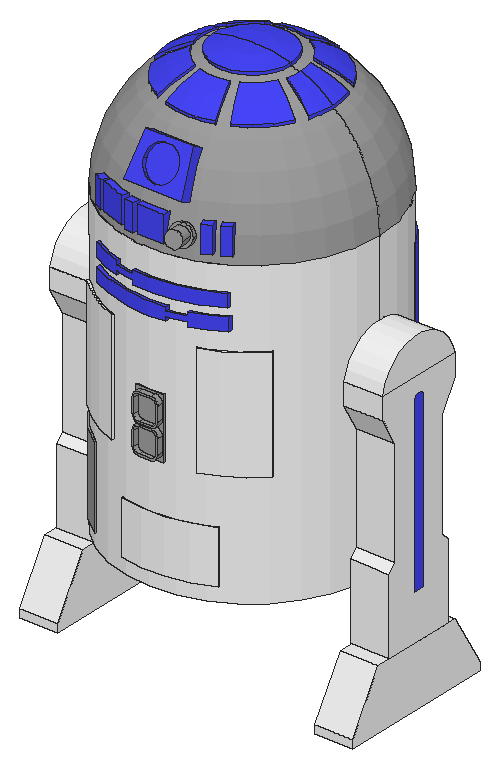
Revit family "Star_Wars_R2D2_4123_other", category Modèles génériques, Revit 2020
Family settings
  Peut héberger une armature = Non
  Cote de connecteur circulaire = Utiliser le diamètre
  Type d'élément = Non défini
  Basée sur le plan de construction = Non
  Toujours verticalement = Oui
  Couper avec des vides une fois chargée = Non
  Partagée = Non
  Point de calcul de pièce = Non
Parameters
  Elévation par défaut = 0' - 0"
Reference planes (in)
  plane 1 "Center (Front/Back)": y = 0
  plane 2: z = 0
  plane 3 "Center (Left/Right)": x = 0
  plane 4: z = 56.91196
  plane 5: through (0, 0, 48) normal (-0.7071, 0.7071, 0)
Forms (in)
  Extrusion 1, solid, material "Default 2"
    sketch origin (0, 0, 0) x (1, 0, 0) y (0, 1, 0)
      loop
        circle (0, 0) r 24
    from 0 to 56.91196
  Revolve 2, solid, material "Default 4"
    sketch origin (0, 0, -13.13966) x (1, 0, 0) y (0, 0, 1)
      loop
        line (0, 94.05162) -> (0, 70.05162) -> (24, 70.05162)
        arc (24, 70.05162) -> (16.97056, 87.02218) -> (0, 94.05162) r 24
      axis (0, 70.05162) -> (0, 94.05162)
    angle from 0 to 360
  Extrusion 3, solid, material "Default 2"
    sketch origin (0, 0, 0) x (0, 1, 0) y (0, 0, 1)
      loop
        line (8.4404, -8.6957) -> (-9.5596, -8.6957) -> (-15.48254, -18.55312) -> (-15.48254, -20.05312) -> (14.36334, -20.05312) -> (14.36334, -18.55312) -> (8.4404, -8.6957)
    from -31.2361 to -24.2361
  Extrusion 4, solid, material "Default 2"
    sketch origin (0, 0, 0) x (0, 1, 0) y (0, 0, -1)
      loop
        line (8.4404, 8.6957) -> (14.36334, 18.55312) -> (14.36334, 20.05312) -> (-15.48254, 20.05312) -> (-15.48254, 18.55312) -> (-9.5596, 8.6957) -> (8.4404, 8.6957)
    from -31.2361 to -24.2361
  Sweep 5, solid, material "Default 3"
    path origin (0, 0, 0) x (-0.996195, 0.087156, 0) y (0, 0, 1)
      loop
        line (-14.05923, 48.95541) -> (-14.05923, 4.95541)
    profile origin (14.00573, -1.22534, 26.95541) x (0.087156, 0.996195, 0) y (-0.996195, 0.087156, 0)
      loop
        line (14.17992, -5.30388) -> (14.35877, -5.48273)
        arc (14.35877, -5.48273) -> (17.14734, -3.08811) -> (19.54196, -0.29954) r 24.25
        line (19.54196, -0.29954) -> (19.36311, -0.12068)
        arc (19.36311, -0.12068) -> (16.97056, -2.91133) -> (14.17992, -5.30388) r 24
  Extrusion 6, solid, material "Default 3"
    sketch origin (0, -34.73609, -2.04363) x (1, 0, 0) y (0, 0.48481, 0.87462)
      loop
        line (5.5, 65.41196) -> (4.48703, 73.66196) -> (-4.48703, 73.66196) -> (-5.5, 65.41196) -> (5.5, 65.41196)
    from 20.44691 to 23.17679
  Extrusion 7, void
    sketch origin (0, -34.73609, -2.04363) x (1, 0, 0) y (0, 0.48481, 0.87462)
      loop
        circle (0, 69.53592) r 3.25
    from 22.57548 to 24.0021
  Extrusion 8, solid, material "Default 3"
    sketch origin (0, 0, 0) x (0.939693, -0.34202, 0) y (0, 0, 1)
      loop
        line (-2.3283, 58.58576) -> (2.6717, 58.58576) -> (2.6717, 63.58576) -> (-2.3283, 63.58576) -> (-2.3283, 58.58576)
    from 22.82457 to 24.08711
  Extrusion 9, solid, material "Default 3"
    sketch origin (0, 0, 0) x (-0.987688, 0.156434, 0) y (0, 0, 1)
      loop
        line (0.9217, 58.58576) -> (0.9217, 63.58576) -> (-0.90275, 63.58576) -> (-0.90275, 58.58576) -> (0.9217, 58.58576)
    from -24.43471 to -23.12935
  Extrusion 10, solid, material "Default 4"
    sketch origin (2.50384, -10.68372, -3.40032) x (-0.973619, -0.228178, 0) y (-0.039623, 0.169067, 0.984808)
      loop
        circle (0, 61.04164) r 1.5
    from -26.70235 to -24.2699
  Extrusion 11, solid, material "Default 4"
    sketch origin (2.50384, -10.68372, -3.40032) x (-0.973619, -0.228178, 0) y (-0.039623, 0.169067, 0.984808)
      loop
        circle (0, 61.01196) r 2
    from -24.2699 to -23.13671
  Extrusion 12, solid, material "Default 3"
    sketch origin (-0.01543, -0.00655, 0) x (-0.920505, -0.390731, 0) y (0, 0, 1)
      loop
        line (0.9217, 58.58576) -> (0.9217, 63.58576) -> (-0.90275, 63.58576) -> (-0.90275, 58.58576) -> (0.9217, 58.58576)
    from -24.43471 to -23.12935
  Extrusion 13, solid, material "Default 3"
    sketch origin (0.00821, 0.00474, 0) x (-0.866025, -0.5, 0) y (0, 0, 1)
      loop
        line (0.9217, 58.58576) -> (0.9217, 63.58576) -> (-0.90275, 63.58576) -> (-0.90275, 58.58576) -> (0.9217, 58.58576)
    from -24.43471 to -23.12935
  Extrusion 14, solid, material "Default 3"
    sketch origin (0.00829, -0.0046, 0) x (-0.87462, 0.48481, 0) y (0, 0, 1)
      loop
        line (0.9217, 58.58576) -> (0.9217, 63.58576) -> (-0.90275, 63.58576) -> (-0.90275, 58.58576) -> (0.9217, 58.58576)
    from -24.43471 to -23.12935
  Extrusion 15, solid, material "Default 3"
    sketch origin (0.0783, 0, 0) x (1, 0, 0) y (0, 0, 1)
      loop
        line (-2.3283, 58.58576) -> (2.6717, 58.58576) -> (2.6717, 63.58576) -> (-2.3283, 63.58576) -> (-2.3283, 58.58576)
    from 22.82457 to 24.08711
  Extrusion 16, solid, material "Default 4"
    sketch origin (0, 0, 0) x (-1, 0, 0) y (0, 0, 1)
      loop
        line (-2.375, 31.61222) -> (-2.375, 28.86222)
        arc (-2.375, 28.86222) -> (-2.00888, 27.97834) -> (-1.125, 27.61222) r 1.25
        line (-1.125, 27.61222) -> (1.125, 27.61222)
        arc (1.125, 27.61222) -> (2.00888, 27.97834) -> (2.375, 28.86222) r 1.25
        line (2.375, 28.86222) -> (2.375, 31.61222)
        arc (2.375, 31.61222) -> (2.00888, 32.49611) -> (1.125, 32.86222) r 1.25
        line (1.125, 32.86222) -> (-1.125, 32.86222)
        arc (-1.125, 32.86222) -> (-2.00888, 32.49611) -> (-2.375, 31.61222) r 1.25
    from -25.21973 to -24.09971
  Extrusion 17, void
    sketch origin (0, 0, 0) x (-1, 0, 0) y (0, 0, 1)
      loop
        arc (-1.125, 32.61222) -> (-1.83211, 32.31933) -> (-2.125, 31.61222) r 1
        line (-2.125, 31.61222) -> (-2.125, 28.86222)
        arc (-2.125, 28.86222) -> (-1.83211, 28.15512) -> (-1.125, 27.86222) r 1
        line (-1.125, 27.86222) -> (1.125, 27.86222)
        arc (1.125, 27.86222) -> (1.83211, 28.15512) -> (2.125, 28.86222) r 1
        line (2.125, 28.86222) -> (2.125, 31.61222)
        arc (2.125, 31.61222) -> (1.83211, 32.31933) -> (1.125, 32.61222) r 1
        line (1.125, 32.61222) -> (-1.125, 32.61222)
    from -25.8241 to -24.23763
  Extrusion 18, solid, material "Default 4"
    sketch origin (0, 0, -5.5) x (-1, 0, 0) y (0, 0, 1)
      loop
        line (-2.375, 31.61222) -> (-2.375, 28.86222)
        arc (-2.375, 28.86222) -> (-2.00888, 27.97834) -> (-1.125, 27.61222) r 1.25
        line (-1.125, 27.61222) -> (1.125, 27.61222)
        arc (1.125, 27.61222) -> (2.00888, 27.97834) -> (2.375, 28.86222) r 1.25
        line (2.375, 28.86222) -> (2.375, 31.61222)
        arc (2.375, 31.61222) -> (2.00888, 32.49611) -> (1.125, 32.86222) r 1.25
        line (1.125, 32.86222) -> (-1.125, 32.86222)
        arc (-1.125, 32.86222) -> (-2.00888, 32.49611) -> (-2.375, 31.61222) r 1.25
    from -25.21973 to -24.09971
  Extrusion 19, void
    sketch origin (0, 0, -5.5) x (-1, 0, 0) y (0, 0, 1)
      loop
        arc (-1.125, 32.61222) -> (-1.83211, 32.31933) -> (-2.125, 31.61222) r 1
        line (-2.125, 31.61222) -> (-2.125, 28.86222)
        arc (-2.125, 28.86222) -> (-1.83211, 28.15512) -> (-1.125, 27.86222) r 1
        line (-1.125, 27.86222) -> (1.125, 27.86222)
        arc (1.125, 27.86222) -> (1.83211, 28.15512) -> (2.125, 28.86222) r 1
        line (2.125, 28.86222) -> (2.125, 31.61222)
        arc (2.125, 31.61222) -> (1.83211, 32.31933) -> (1.125, 32.61222) r 1
        line (1.125, 32.61222) -> (-1.125, 32.61222)
    from -25.8241 to -24.23763
  Extrusion 20, solid, material "Default 4"
    sketch origin (0, 0, 0) x (-1, 0, 0) y (0, 0, 1)
      loop
        line (-2.65093, 33.23012) -> (-2.65093, 21.73012) -> (2.59907, 21.73012) -> (2.59907, 33.23012) -> (-2.65093, 33.23012)
    from -24.09971 to -22.81061
  Sweep 21, solid, material "Default 3"
    path origin (0, 0, 0) x (-0.087156, -0.996195, 0) y (0, 0, 1)
      loop
        line (-14.05923, 48.95541) -> (-14.05923, 18.12318)
    profile origin (1.22534, 14.00573, 33.5393) x (-0.996195, 0.087156, 0) y (-0.087156, -0.996195, 0)
      loop
        line (14.17992, -5.30388) -> (14.35877, -5.48273)
        arc (14.35877, -5.48273) -> (17.14734, -3.08811) -> (19.54196, -0.29954) r 24.25
        line (19.54196, -0.29954) -> (19.36311, -0.12068)
        arc (19.36311, -0.12068) -> (16.97056, -2.91133) -> (14.17992, -5.30388) r 24
  Extrusion 22, solid, material "Default 3"
    sketch origin (3.25, 0, 0) x (-1, 0, 0) y (0, 0, 1)
      loop
        line (15.33626, 48.39314) -> (0, 48.39314) -> (0, 47.64314) -> (-3.5, 47.64314) -> (-3.5, 48.39314) -> (-9.25, 48.39314) -> (-9.25, 45.89314) -> (-3.5, 45.89314) -> (-3.5, 46.64314) -> (0, 46.64314) -> (0, 45.89314) -> (15.33626, 45.89314) -> (15.33626, 48.39314)
    from -24.71421 to -18.41814
  Extrusion 23, void
    sketch origin (0, 0, 0) x (-1, 0, 0) y (0, -1, 0)
      loop
        arc (-14.28936, 19.90136) -> (0, 24.5) -> (14.28936, 19.90136) r 24.5
        line (14.28936, 19.90136) -> (16, 19.90136) -> (16, 29.25) -> (-16.10368, 29.25) -> (-16.10368, 19.90136) -> (-14.28936, 19.90136)
    from 43.39056 to 54.89244
  Extrusion 24, solid, material "Default 3"
    sketch origin (-3.04313, 0, 4) x (1, 0, 0) y (0, 0, -1)
      loop
        line (15.33626, -48.39314) -> (15.33626, -45.89314) -> (0, -45.89314) -> (0, -46.64314) -> (-3.5, -46.64314) -> (-3.5, -45.89314) -> (-9.25, -45.89314) -> (-9.25, -48.39314) -> (-3.5, -48.39314) -> (-3.5, -47.64314) -> (0, -47.64314) -> (0, -48.39314) -> (15.33626, -48.39314)
    from -24.71421 to -18.41814
  Extrusion 25, void
    sketch origin (-0.02779, 0, 0) x (1, 0, 0) y (0, 1, 0)
      loop
        line (-14.28936, -19.90136) -> (-16.10368, -19.90136) -> (-16.10368, -29.25) -> (16, -29.25) -> (16, -19.90136) -> (14.28936, -19.90136)
        arc (14.28936, -19.90136) -> (0, -24.5) -> (-14.28936, -19.90136) r 24.5
    from 48.95541 to 54.89244
  Revolve 26, void
    sketch origin (0, 0, 0) x (1, 0, 0) y (0, 0, 1)
      loop
        line (0, 85.59581) -> (0, 81.1196)
        arc (0, 81.1196) -> (8.7236, 79.58756) -> (16.20452, 74.84581) r 22.79229
        line (16.20452, 74.84581) -> (22.75, 74.84581) -> (22.75, 85.59581) -> (0, 85.59581)
      axis (0, 85.59581) -> (0, 74.84581)
    angle from 0 to 360
  Extrusion 27, solid, material "Default 3"
    sketch origin (0, 0, 0) x (1, 0, 0) y (0, 1, 0)
      loop
        arc (13.54733, 6.90271) -> (10.75122, 10.75122) -> (6.90271, 13.54733) r 15.20452
        line (6.90271, 13.54733) -> (4.17877, 8.20129)
        arc (4.17877, 8.20129) -> (6.50858, 6.50858) -> (8.20129, 4.17877) r 9.20452
        line (8.20129, 4.17877) -> (13.54733, 6.90271)
    from 75.20578 to 81.62769
  Extrusion 28, solid, material "Default 3"
    sketch origin (0, 0, 0) x (-0.707107, 0.707107, 0) y (-0.707107, -0.707107, 0)
      loop
        line (13.54733, -6.90271) -> (8.20129, -4.17877)
        arc (8.20129, -4.17877) -> (6.50858, -6.50858) -> (4.17877, -8.20129) r 9.20452
        line (4.17877, -8.20129) -> (6.90271, -13.54733)
        arc (6.90271, -13.54733) -> (10.75122, -10.75122) -> (13.54733, -6.90271) r 15.20452
    from 75.20578 to 81.62769
  Extrusion 29, solid, material "Default 3"
    sketch origin (0, 0, 0) x (0.707107, 0.707107, 0) y (-0.707107, 0.707107, 0)
      loop
        line (13.54733, -6.90271) -> (8.20129, -4.17877)
        arc (8.20129, -4.17877) -> (6.50858, -6.50858) -> (4.17877, -8.20129) r 9.20452
        line (4.17877, -8.20129) -> (6.90271, -13.54733)
        arc (6.90271, -13.54733) -> (10.75122, -10.75122) -> (13.54733, -6.90271) r 15.20452
    from 75.20578 to 81.62769
  Extrusion 30, solid, material "Default 3"
    sketch origin (0, 0, 0) x (-1, 0, 0) y (0, -1, 0)
      loop
        line (13.54733, -6.90271) -> (8.20129, -4.17877)
        arc (8.20129, -4.17877) -> (6.50858, -6.50858) -> (4.17877, -8.20129) r 9.20452
        line (4.17877, -8.20129) -> (6.90271, -13.54733)
        arc (6.90271, -13.54733) -> (10.75122, -10.75122) -> (13.54733, -6.90271) r 15.20452
    from 75.20578 to 81.62769
  Extrusion 31, solid, material "Default 3"
    sketch origin (0, 0, 0) x (-0.707107, 0.707107, 0) y (-0.707107, -0.707107, 0)
      loop
        arc (13.54733, 6.90271) -> (10.75122, 10.75122) -> (6.90271, 13.54733) r 15.20452
        line (6.90271, 13.54733) -> (4.17877, 8.20129)
        arc (4.17877, 8.20129) -> (6.50858, 6.50858) -> (8.20129, 4.17877) r 9.20452
        line (8.20129, 4.17877) -> (13.54733, 6.90271)
    from 75.20578 to 81.62769
  Extrusion 32, solid, material "Default 3"
    sketch origin (0, 0, 0) x (1, 0, 0) y (0, 1, 0)
      loop
        line (13.54733, -6.90271) -> (8.20129, -4.17877)
        arc (8.20129, -4.17877) -> (6.50858, -6.50858) -> (4.17877, -8.20129) r 9.20452
        line (4.17877, -8.20129) -> (6.90271, -13.54733)
        arc (6.90271, -13.54733) -> (10.75122, -10.75122) -> (13.54733, -6.90271) r 15.20452
    from 75.20578 to 81.62769
  Extrusion 33, solid, material "Default 3"
    sketch origin (0, 0, 0) x (-0.707107, -0.707107, 0) y (0.707107, -0.707107, 0)
      loop
        arc (13.54733, 6.90271) -> (10.75122, 10.75122) -> (6.90271, 13.54733) r 15.20452
        line (6.90271, 13.54733) -> (4.17877, 8.20129)
        arc (4.17877, 8.20129) -> (6.50858, 6.50858) -> (8.20129, 4.17877) r 9.20452
        line (8.20129, 4.17877) -> (13.54733, 6.90271)
    from 75.20578 to 81.62769
  Extrusion 34, solid, material "Default 3"
    sketch origin (0, 0, 0) x (-1, 0, 0) y (0, -1, 0)
      loop
        arc (13.54733, 6.90271) -> (10.75122, 10.75122) -> (6.90271, 13.54733) r 15.20452
        line (6.90271, 13.54733) -> (4.17877, 8.20129)
        arc (4.17877, 8.20129) -> (6.50858, 6.50858) -> (8.20129, 4.17877) r 9.20452
        line (8.20129, 4.17877) -> (13.54733, 6.90271)
    from 75.20578 to 81.62769
  Extrusion 35, solid, material "Default 3"
    sketch origin (0, 0, 0) x (1, 0, 0) y (0, 1, 0)
      loop
        circle (0, 0) r 7.25
    from 78.57665 to 84.62184
  Sweep 36, solid, material "Default 2"
    path origin (0, 0, 0) x (0.139173, 0.990268, 0) y (0, 0, 1)
      loop
        line (-14.05923, 42.45541) -> (-14.05923, 21.45541)
    profile origin (-1.95667, -13.92241, 31.95541) x (0.990268, -0.139173, 0) y (0.139173, 0.990268, 0)
      loop
        line (10.89577, -7.32492) -> (11.06602, -7.65905)
        arc (11.06602, -7.65905) -> (15.77327, -4.52422) -> (19.63137, -0.38895) r 24.375
        line (19.63137, -0.38895) -> (19.36311, -0.12068)
        arc (19.36311, -0.12068) -> (15.55234, -4.21985) -> (10.89577, -7.32492) r 24
  Sweep 37, solid, material "Default 2"
    path origin (0, 0, 0) x (-0.139173, 0.990268, 0) y (0, 0, -1)
      loop
        line (-14.05923, -42.45541) -> (-14.05923, -21.45541)
    profile origin (1.95667, -13.92241, 31.95541) x (-0.990268, -0.139173, 0) y (0.139173, -0.990268, 0)
      loop
        arc (10.89577, 7.32492) -> (15.55234, 4.21985) -> (19.36311, 0.12068) r 24
        line (19.36311, 0.12068) -> (19.63137, 0.38895)
        arc (19.63137, 0.38895) -> (15.77327, 4.52422) -> (11.06602, 7.65905) r 24.375
        line (11.06602, 7.65905) -> (10.89577, 7.32492)
  Sweep 38, solid, material "Default 4"
    path origin (0, 0, 0) x (0.975604, 0.219537, 0) y (0, 0, 1)
      loop
        line (0, 2.5) -> (0, 17.75)
    profile origin (0, 0, 10.125) x (-0.975604, -0.219537, 0) y (0.219537, -0.975604, 0)
      loop
        line (22.37953, 8.66928) -> (22.61265, 8.75959)
        arc (22.61265, 8.75959) -> (20.50676, 12.94355) -> (17.63576, 16.64459) r 24.25
        line (17.63576, 16.64459) -> (17.45395, 16.473)
        arc (17.45395, 16.473) -> (20.29535, 12.81011) -> (22.37953, 8.66928) r 24
  Sweep 39, solid, material "Default 2"
    path origin (0, 0, 0) x (-0.978148, -0.207912, 0) y (0, 0, 1)
      loop
        line (0, 12.73012) -> (0, 2.73012)
    profile origin (0, 0, 7.73012) x (-0.207912, 0.978148, 0) y (-0.978148, -0.207912, 0)
      loop
        arc (-23.18914, -6.18578) -> (-23.89745, 2.21624) -> (-21.65611, 10.3447) r 24
        line (-21.65611, 10.3447) -> (-21.8817, 10.45246)
        arc (-21.8817, 10.45246) -> (-24.14639, 2.23932) -> (-23.43069, -6.25021) r 24.25
        line (-23.43069, -6.25021) -> (-23.18914, -6.18578)
  Sweep 40, solid, material "Default 2"
    path origin (0, 0, 0) x (0.830518, 0.556992, 0) y (0, 0, 1)
      loop
        line (0, 12.73012) -> (0, 2.73012)
    profile origin (0, 0, 7.73012) x (0.556992, -0.830518, 0) y (0.830518, 0.556992, 0)
      loop
        arc (-23.18914, -6.18578) -> (-23.0169, 6.79869) -> (-16.10638, 17.79282) r 24
        line (-16.10638, 17.79282) -> (-16.27416, 17.97816)
        arc (-16.27416, 17.97816) -> (-23.25666, 6.86951) -> (-23.43069, -6.25021) r 24.25
        line (-23.43069, -6.25021) -> (-23.18914, -6.18578)
  Extrusion 41, solid, material "Default 2"
    sketch origin (0, 0, 0) x (0, 1, 0) y (0, 0, 1)
      loop
        line (8.4404, 36.04709) -> (-8.4404, 36.04709) -> (-8.4404, 32.04709) -> (-5.4404, 26.85094) -> (-5.4404, 6.85094) -> (-6.85461, 5.43672) -> (-6.85461, -8.6957) -> (6.85461, -8.6957) -> (6.85461, 5.43672) -> (5.4404, 6.85094) -> (5.4404, 26.85094) -> (8.4404, 32.04709) -> (8.4404, 36.04709)
    from 23.99573 to 31.2361
  Extrusion 42, solid, material "Default 2"
    sketch origin (0, 0, 0) x (0, 1, 0) y (0, 0, -1)
      loop
        line (8.4404, -36.04709) -> (8.4404, -32.04709) -> (5.4404, -26.85094) -> (5.4404, -6.85094) -> (6.85461, -5.43672) -> (6.85461, 8.6957) -> (-6.85461, 8.6957) -> (-6.85461, -5.43672) -> (-5.4404, -6.85094) -> (-5.4404, -26.85094) -> (-8.4404, -32.04709) -> (-8.4404, -36.04709) -> (8.4404, -36.04709)
    from 23.99573 to 31.2361
  Extrusion 43, solid, material "Default 2"
    sketch origin (0, 0, 0) x (0, 1, 0) y (0, 0, 1)
      loop
        arc (8.4404, 36.04709) -> (0, 42.8685) -> (-8.4404, 36.04709) r 8.63252
        line (-8.4404, 36.04709) -> (8.4404, 36.04709)
    from -31.2361 to -23.99573
  Extrusion 44, solid, material "Default 2"
    sketch origin (0, 0, 0) x (0, 1, 0) y (0, 0, -1)
      loop
        line (8.4404, -36.04709) -> (-8.4404, -36.04709)
        arc (-8.4404, -36.04709) -> (0, -42.8685) -> (8.4404, -36.04709) r 8.63252
    from -31.2361 to -23.99573
  Extrusion 45, solid, material "Default 3"
    sketch origin (0, 0, 0) x (0, 1, 0) y (0, 0, 1)
      loop
        arc (1, 32.5) -> (0, 33.04126) -> (-1, 32.5) r 1.1944
        line (-1, 32.5) -> (-1, 0) -> (1, 0) -> (1, 32.5)
    from -31.35209 to -31.2361
  Extrusion 46, solid, material "Default 3"
    sketch origin (0, 0, 0) x (0, 1, 0) y (0, 0, -1)
      loop
        line (1, -32.5) -> (1, 0) -> (-1, 0) -> (-1, -32.5)
        arc (-1, -32.5) -> (0, -33.04126) -> (1, -32.5) r 1.1944
    from -31.35209 to -31.2361
  Sweep 47, solid, material "Default 2"
    path origin (0, 0, 0) x (-0.676299, -0.736627, 0) y (0, 0, 1)
      loop
        line (-14.05923, 48.95541) -> (-14.05923, 35.53252)
    profile origin (9.50824, 10.35642, 42.24396) x (-0.736627, 0.676299, 0) y (-0.676299, -0.736627, 0)
      loop
        line (11.47209, -7.02136) -> (11.59159, -7.24095)
        arc (11.59159, -7.24095) -> (16.40025, -3.80398) -> (20.23459, 0.69421) r 24.25
        line (20.23459, 0.69421) -> (20.02599, 0.83199)
        arc (20.02599, 0.83199) -> (16.23117, -3.61983) -> (11.47209, -7.02136) r 24
  Sweep 48, solid, material "Default 2"
    path origin (0, 0, -17) x (-0.676299, -0.736627, 0) y (0, 0, 1)
      loop
        line (-14.05923, 48.95541) -> (-14.05923, 35.53252)
    profile origin (9.50824, 10.35642, 25.24396) x (-0.736627, 0.676299, 0) y (-0.676299, -0.736627, 0)
      loop
        line (11.47209, -7.02136) -> (11.59159, -7.24095)
        arc (11.59159, -7.24095) -> (16.40025, -3.80398) -> (20.23459, 0.69421) r 24.25
        line (20.23459, 0.69421) -> (20.02599, 0.83199)
        arc (20.02599, 0.83199) -> (16.23117, -3.61983) -> (11.47209, -7.02136) r 24
Cuts and joins
  Extrusion 7, Revolve 26 cuts Revolve 2
  Extrusion 7 cuts Extrusion 6
  Extrusion 17, Extrusion 23, Extrusion 25 cuts Extrusion 1
  Extrusion 17, Extrusion 19 cuts Extrusion 16
  Extrusion 19 cuts Extrusion 18
  Extrusion 23 cuts Sweep 5
  Extrusion 23, Extrusion 25 cuts Sweep 21
  Extrusion 23, Extrusion 25 cuts Extrusion 22
  Extrusion 25 cuts Extrusion 24
  Revolve 26 cuts Extrusion 32
  Revolve 26 cuts Extrusion 29
  Revolve 26 cuts Extrusion 27
  Revolve 26 cuts Extrusion 33
  Revolve 26 cuts Extrusion 28
  Revolve 26 cuts Extrusion 34
  Revolve 26 cuts Extrusion 30
  Revolve 26 cuts Extrusion 31
  Revolve 26 cuts Extrusion 35
